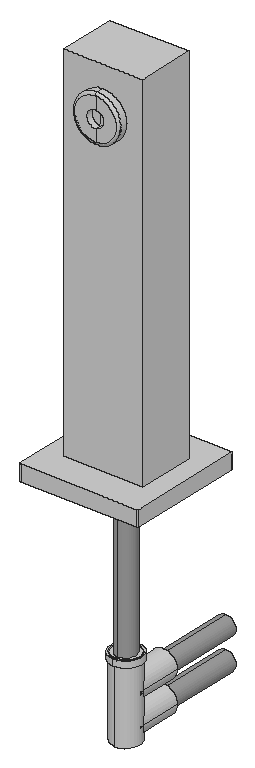
Revit family "Plumbing_Fixture-Grohe- Eurocube-Bath_Spout-12-METRIC", category Plumbing Fixtures, host Face, Revit 2012
Parameters (values of type "Eurocube 13 303 000")
  _distributed by = "www.bimstore.co.uk"
  _current revision = 1
  _created date = "September 2013"
  _created by = "Mark Thompson"
  _BIMspec_GUID = 0
  Width = 60 mm  # constant formula
  Waste Connection = no
  WarrantyStartDate = ""
  WarrantyGuarantorParts = ""
  WarrantyGuarantorLabor = ""
  WarrantyDurationUnit = ""
  WarrantyDurationParts = ""
  WarrantyDurationLabor = ""
  WarrantyDuration = ""
  WarrantyDescription = ""
  Warranty Infomation = "N/A"
  WFU = 0
  Vent Connection = no
  Uniclass2 = ""
  URL = "www.grohe.com"
  Type Comments = "Bath spout, wall mounted."
  TagNumber = 0
  SpareParts = "Flow restrictor 6 l/min (13952 000), Seal (01282 00M)"
  Spare Parts List = "http://cdn08.grohe.com/lib/0/catalogue_p1/explo/E1330301.jpg"
  SerialNumber = 0
  ReplacementCost = ""
  Product Page URL = "http://www.grohe.com/uk/5535/bathroom/tap-mixer/eurocube/product-details/?product=13303-G320&color=000"
  Product Documentation Link = "http://cdn08.grohe.com/lib/1/tpi/1519812.pdf"
  Percentage of Recycled Content = 0
  Name = Model  # "Eurocube 13 303 000"
  ModelNumber = Model  # "Eurocube 13 303 000"
  Model = "Eurocube 13 303 000"
  Mixed Pipe Length = 145 mm
  Mixed Pipe Constraint = if(Mixed Pipe Length < 7 mm, 7 mm, (if(Mixed Pipe Length > 80 mm, 80 mm, Mixed Pipe Length)))  # 80 mm
  Masterformat Title [instance] = "Residential Faucets, Supplies, and Trim"
  Masterformat Number [instance] = "22 41 39"
  Manufacturer = "Grohe AG"
  MaintenanceInformation = "http://cdn08.grohe.com/lib/1/tpi/1734224.pdf"
  Low Emitting Material = yes
  Length = 193 mm  # constant formula
  LEED Credit = ""
  Keynote = "N13"
  InstallationDate = ""
  Industry Standards = "N/A"
  Hot Water Radius = Hot Water Connection Diameter / 2  # 5 mm
  Hot Water Connection Diameter = 10 mm
  Height = 60 mm  # constant formula
  Handle Spacing = 200 mm
  HWFU = 4.5
  HW Connection = yes
  Faucet Material = Grohe-Chrome
  ExpectedLife = 0
  Ecojoy = no
  DurationUnit = ""
  Description = "For a sharp, tailored look in your bathroom choose Eurocube. Here is a design so cleverly engineered that we are able to offer an extensive choice featuring true square design for the basin, bidet, shower and bath. Across the range, cut-out detailing on the lever handles reduces the perceived volume of each piece, while highlighting the minimalist appeal of the collection. Perfectly aligned to the design needs of today’s cosmopolitan consumers, Eurocube offers cutting-edge, geometric styling at an unbeatable price. At the same time it benefits from two leading GROHE technologies: GROHE SilkMove® – for smooth and comfortable operation of single lever mixers and GROHE StarLight® – our resilient chrome finish."
  Default Elevation = 600 mm
  CreatedOn = ""
  CreatedBy = ""
  Cost = 0
  Contact Grohe = "GROHE Limited, World Business Centre 2, Newall Road, London Heathrow Airport, Hounslow, Middlesex, TW6 2SF - Tel: +44 (0) 871 200 3414 - Fax: +44 (0) 871 200 3415 - EMail: info-uk@grohe.com"
  Cold Water Radius = Cold Water Connection Diameter / 2  # 5 mm
  Cold Water Connection Diameter = 10 mm
  CWFU = 4.5
  CW Connection = yes
  Barcode = 0
  AssetType = "Fixed"
  Assembly Code = "C1030220"
  AccessibilityPerformance = ""
  ADA Compliant = yes
Reference planes
  plane 1 "Center (Front/Back)": y = 0
  plane 2: z = 0
  plane 3 "Center (Left/Right)": x = 0
  plane 4: z = 0
  plane 5: z = -80
  plane 6: z = 40
  plane 7: x = 40
  plane 8: z = -40
  plane 9: x = -40
Forms (mm)
  Sweep 1, solid, material "Grohe-Pipework"
    path in 3D
      loop
        line (0, 0, 0) -> (0, 0, -80)
    profile origin (0, 0, -40) x (0, -1, 0) y (1, 0, 0)
      loop
        circle (0, 0) r 5
  Extrusion 2, solid, material "Grohe-Chrome" <- "Faucet Material"
    sketch origin (-444.804, -4572, 0) x (-1, 0, 0) y (0, -1, 0)
      loop
        arc (-415.306, -4602) -> (-414.952, -4601.854) -> (-414.806, -4601.5) r 0.5
        line (-414.806, -4601.5) -> (-414.806, -4542.5)
        arc (-414.806, -4542.5) -> (-414.952, -4542.146) -> (-415.306, -4542) r 0.5
        line (-415.306, -4542) -> (-474.306, -4542)
        arc (-474.306, -4542) -> (-474.659, -4542.146) -> (-474.806, -4542.5) r 0.5
        line (-474.806, -4542.5) -> (-474.806, -4601.5)
        arc (-474.806, -4601.5) -> (-474.659, -4601.854) -> (-474.306, -4602) r 0.5
        line (-474.306, -4602) -> (-415.306, -4602)
    from 0 to 8
  Extrusion 3, solid, material "Grohe-Chrome"
    sketch origin (0, 0, 0) x (1, 0, 0) y (0, 0, 1)
      loop
        line (-19.999, 193) -> (-19.999, 8) -> (20.001, 8) -> (20.001, 193) -> (-19.999, 193)
    from -14.5 to 14.5
  Revolve 4, solid, material "Grohe-Chrome" <- "Faucet Material", detail levels medium+fine
    sketch origin (0, 1.501, 0) x (0, 1, 0) y (0, 0, 1)
      loop
        line (-17.75, 170) -> (-17.75, 165.729) -> (-20.75, 165.729) -> (-20.75, 159.407)
        arc (-20.75, 159.407) -> (-20.396, 158.554) -> (-19.543, 158.2) r 1.207
        line (-19.543, 158.2) -> (-16.001, 158.2) -> (-16.001, 170) -> (-17.75, 170)
      axis (-20.75, 170) -> (-16.001, 170)
    angle from 0 to 360
  Sweep 5, solid, material "Grohe-Pipework"
    path in 3D
      loop
        line (0, 63.284, -112) -> (0, 6.8, -112)
    profile origin (0, 35.042, -112) x (0, 0, -1) y (1, 0, 0)
      loop
        circle (0, 0) r 5
  Sweep 6, solid, material "Grohe-Pipework"
    path in 3D
      loop
        line (0, 63.284, -96.093) -> (0, 6.8, -96.093)
    profile origin (0, 35.042, -96.093) x (0, 0, -1) y (1, 0, 0)
      loop
        circle (0, 0) r 5
Lines and regions (mm)
  reference lines
    curve 1: line (0, 0, 0) -> (0, 0, -80)
    curve 3: line (0, 63.284, -96.093) -> (0, 6.8, -96.093)
    curve 4: line (0, 63.284, -112) -> (0, 6.8, -112)
  sketch lines
    curve 2: line (0, 0, 0) -> (0, 0, -80)
    curve 5: line (0, 63.284, -112) -> (0, 6.8, -112)
    curve 6: line (0, 63.284, -96.093) -> (0, 6.8, -96.093)
Dimensions and locks
  "Mixed Pipe Constraint": level to plane 5
  "Hot Water Radius": radius of Sweep 1 sketch curve
  "Cold Water Radius": radius of Sweep 5 sketch curve
  "Hot Water Radius": radius of Sweep 6 sketch curve
  aligned and locked: plane 2 to host face
  aligned and locked: level to host face
  aligned and locked: plane 5 to curve 1
  aligned and locked: curve 1 to plane 3 "Center (Left/Right)"
  aligned and locked: plane 3 "Center (Left/Right)" to nested 1
  aligned and locked: plane 1 "Center (Front/Back)" to nested 1
  aligned and locked: curve 3 to nested 1
  aligned and locked: curve 4 to nested 1
Automatic sketch dimensions
  host sketch curve to host sketch curve = 2438.4 mm  (x2)
  curve 1 to level = 0 mm
  Sweep 1 sketch curve to profile plane = 0 mm
  profile plane to Sweep 1 sketch curve = 0 mm
  plane 3 "Center (Left/Right)" to Extrusion 2 sketch curve = 30.001 mm
  Extrusion 2 sketch curve to Extrusion 2 sketch curve = 0.5 mm  (x3)
  Extrusion 2 sketch curve to plane 3 "Center (Left/Right)" = 29.499 mm  (x2)
  Extrusion 2 sketch curve to plane 1 "Center (Front/Back)" = 30 mm
  plane 1 "Center (Front/Back)" to Extrusion 2 sketch curve = 29.5 mm
  Extrusion 3 sketch curve to plane 3 "Center (Left/Right)" = 19.999 mm
  plane 3 "Center (Left/Right)" to Extrusion 3 sketch curve = 20.001 mm
  level to Extrusion 3 sketch curve = 8 mm
  Extrusion 3 sketch curve to Extrusion 3 sketch curve = 185 mm
  plane 1 "Center (Front/Back)" to Revolve 4 sketch curve = 19.249 mm
  Revolve 4 sketch curve to Revolve 4 sketch curve = 0 mm  (x2)
  Revolve 4 sketch curve to Revolve 4 sketch curve = 1.207 mm
  Revolve 4 sketch curve to Revolve 4 sketch curve = 3 mm
  Revolve 4 sketch curve to Revolve 4 sketch curve = 3.542 mm
  plane 1 "Center (Front/Back)" to Revolve 4 sketch curve = 2.792 mm
  level to Revolve 4 sketch curve = 158.2 mm
  Revolve 4 sketch curve to Revolve 4 sketch curve = 6.322 mm
  Revolve 4 sketch curve to Revolve 4 sketch curve = 4.271 mm
  curve 3 to plane 1 "Center (Front/Back)" = 6.8 mm
  curve 4 to plane 1 "Center (Front/Back)" = 6.8 mm
  curve 4 to curve 4 = 56.484 mm
  curve 3 to curve 4 = 0 mm
  curve 4 to plane 5 = 32 mm
  curve 3 to plane 5 = 16.093 mm
  Sweep 5 sketch curve to profile plane = 0 mm  (x2)
  Sweep 6 sketch curve to profile plane = 0 mm  (x2)
Nested families
  nested 1: "Mixing Valve" at (0, 0, -80) x (0, 1, 0) z (0, 0, -1), type "Mixing Valve"
    with Pipe Inner Radius 5 mm, Pipe Outer Radius 7 mm, Length 40 mm
Connectors
  piping at (0, 63.284, -96.093), driven by "Cold Water Radius"
    settings: on curve 3, index 1, connector radius 0.19685", flow factor 0, pipe flow 0 GPM, pressure drop 0.00 psi, fitting loss kfactor 0, connector angle 0.00°, fixture units 0, engagement length 0 mm, flow configuration 0, flow direction 0, fitting loss method 0, system type 7, joint type 0, gender type 0, connector reference index -1, connector utility 0, adjustable connector no, is connector primary yes, fitting loss table "", connector description ""
  piping at (0, 63.284, -112), driven by "Hot Water Radius"
    settings: on curve 4, index 2, connector radius 0.19685", flow factor 0, pipe flow 0 GPM, pressure drop 0.00 psi, fitting loss kfactor 0, connector angle 0.00°, fixture units 0, engagement length 0 mm, flow configuration 0, flow direction 0, fitting loss method 0, system type 7, joint type 0, gender type 0, connector reference index -1, connector utility 0, adjustable connector no, is connector primary no, fitting loss table "", connector description ""
Definition of nested family "Mixing Valve"
  Parameters (values of type "Mixing Valve")
    Pipe Inner Radius = 4.8 mm
    Pipe Outer Radius = Pipe Inner Radius + 2 mm  # 6.8 mm
    Length = 50 mm
    Faucet Material = none
    Default Elevation = 1219.2 mm
  Reference planes
    plane 1 "Center (Front/Back)": y = 0
    plane 2: z = 0
    plane 3 "Center (Left/Right)": x = 0
    plane 4: z = 50
    plane 5: z = 3
    plane 6: z = 26.093
    plane 7: z = 42
    plane 8: x = 23.581
  Forms (mm)
    Extrusion 1, solid
      sketch origin (0, 0, 0) x (1, 0, 0) y (0, 1, 0)
        loop
          line (-1219.2, 1219.2) -> (-1219.2, -1219.2) -> (1219.2, -1219.2) -> (1219.2, 1219.2) -> (-1219.2, 1219.2)
      from 0 to -304.8
    Extrusion 2, solid, material <- "Faucet Material"
      sketch origin (0, 0, 0) x (1, 0, 0) y (0, 1, 0)
        loop
          circle (0, 0) r 6.8
      from 0 to 50
    Extrusion 3, solid, material <- "Faucet Material", detail levels medium+fine
      sketch origin (0, 0, 0) x (1, 0, 0) y (0, 1, 0)
        loop
          circle (0, 0) r 8
        loop
          circle (0, 0) r 6.8
      from 0 to 3
    Extrusion 4, solid, material <- "Faucet Material"
      sketch origin (0, 0, 0) x (0, 1, 0) y (0, 0, 1)
        loop
          circle (0, 26.093) r 4.8
        loop
          circle (0, 42) r 4.8
        loop
          circle (0, 26.093) r 6.8
        loop
          circle (0, 42) r 6.8
      from 0 to 23.581
    Extrusion 5, void
      sketch origin (0, 0, 0) x (1, 0, 0) y (0, 1, 0)
        loop
          circle (0, 0) r 4.8
      from 0 to 47.25
  Cuts and joins
    Extrusion 5 cuts Extrusion 2
    Extrusion 5 cuts Extrusion 4
  Dimensions and locks
    "Length": plane 4 to level
    plane 8 to plane 3 "Center (Left/Right)" = 23.581 mm
    locked: plane 7 to plane 6 at 15.907
    locked: plane 4 to plane 7 at 8
    "Pipe Outer Radius": radius of Extrusion 2 sketch curve
    "Pipe Inner Radius": radius of Extrusion 4 sketch curve  (x2)
    "Pipe Outer Radius": radius of Extrusion 4 sketch curve  (x2)
    "Pipe Inner Radius": radius of Extrusion 5 sketch curve
    "Pipe Outer Radius": radius of Extrusion 3 sketch curve
    aligned and locked: plane 2 to Extrusion 1
    aligned and locked: level to Extrusion 1
    aligned and locked: plane 4 to Extrusion 2
    aligned and locked: plane 6 to Extrusion 4 sketch curve  (x2)
    aligned and locked: plane 1 "Center (Front/Back)" to Extrusion 4 sketch curve  (x4)
    aligned and locked: plane 7 to Extrusion 4 sketch curve  (x2)
    aligned and locked: plane 8 to Extrusion 4
    aligned and locked: Extrusion 4 to plane 3 "Center (Left/Right)"
  Automatic sketch dimensions
    Extrusion 1 sketch curve to Extrusion 1 sketch curve = 2438.4 mm  (x2)
    plane 1 "Center (Front/Back)" to Extrusion 2 sketch curve = 0 mm
    Extrusion 2 sketch curve to plane 3 "Center (Left/Right)" = 0 mm
    Extrusion 3 sketch curve to Extrusion 3 sketch curve = 0 mm  (x2)
    plane 1 "Center (Front/Back)" to Extrusion 3 sketch curve = 0 mm
    Extrusion 3 sketch curve to plane 3 "Center (Left/Right)" = 0 mm
    plane 1 "Center (Front/Back)" to Extrusion 5 sketch curve = 0 mm
    Extrusion 5 sketch curve to plane 3 "Center (Left/Right)" = 0 mm
    radius of Extrusion 3 sketch curve = 8 mm
